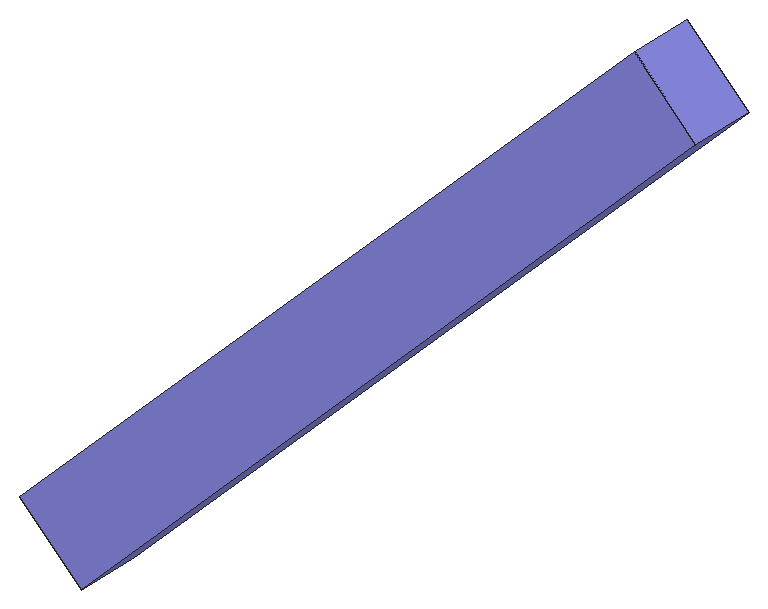
Revit family "配管サポート_不等辺山形鋼", category Generic Models, Revit 2023
Family settings
  Can host rebar = No
  Round Connector Dimension = Use Diameter
  Part Type = Normal
  Work Plane-Based = Yes
  Always vertical = No
  Cut with Voids When Loaded = No
  Maintain Annotation Orientation = No
  Shared = No
  Room Calculation Point = No
Parameters (values of type "L 100 x 75")
  高さ = 100 mm
  長辺 [instance] = 長さ  # 1000 mm
  長さ [instance] = 1000 mm
  部屋名 = ""
  角度 [instance] = 45.00°
  Default Elevation = 1219.2 mm
  構造マテリアル = E102_配管サポート
  幅 = 75 mm
Types (6, lengths in mm): name | 高さ | 幅
  L 100 x 75 | 100 | 75
  L 125 x 75 | 125 | 75
  L 125 x 90 | 125 | 90
  L 150 x 100 | 150 | 100
  L 150 x 90 | 150 | 90
  L 90 x 75 | 90 | 75
Reference planes
  plane 1 "中心(正面/背面)": y = 0
  plane 2: z = 0
  plane 3 "中心(左/右)": x = 0
Lines and regions (mm)
  reference lines
    curve 1: line (0, 0, 0) -> (848.528, 0, 848.528)
    curve 2: line (35.355, 0, -35.355) -> (-35.355, 0, 35.355)
    curve 3: line (742.462, 0, 671.751) -> (671.751, 0, 742.462)
Dimensions and locks
  equal spacing: curve 2, curve 1, curve 2
  "高さ": curve 2 to curve 2
  equal spacing: curve 3, curve 1, curve 3
  "高さ": curve 3 to curve 3
  "長さ": curve 2 to curve 3
  "角度": angle level to curve 1
  angle curve 2 to curve 1 = 90.00°
  angle curve 3 to curve 1 = 90.00°
  aligned and locked: level to plane 2
  aligned and locked: level to curve 1
  aligned and locked: plane 3 "中心(左/右)" to curve 1
  aligned and locked: curve 2 to nested 1
Nested families
  nested 1: "グレーチング_不等辺山形鋼" at (-35.355, 0, 35.355) x (0, 1, 0) z (0.7071, 0, -0.7071), 長さ <- "長さ", type "L 90 x 75"
    with 長辺 1000 mm, 長さ 1000 mm, 高さ 100 mm
Definition of nested family "グレーチング_不等辺山形鋼"
  Parameters (values of type "L 125 x 75")
    高さ = 125 mm
    長辺 [instance] = 長さ  # 1000 mm
    長さ [instance] = 1000 mm
    部屋名 = ""
    Default Elevation = 1219.2 mm
    構造マテリアル = none
    幅 = 75 mm
  Types (6, lengths in mm): name | 高さ | 幅
    L 90 x 75 | 90 | 75
    L 100 x 75 | 100 | 75
    L 125 x 75 | 125 | 75
    L 125 x 90 | 125 | 90
    L 150 x 90 | 150 | 90
    L 150 x 100 | 150 | 100
  Reference planes
    plane 1 "中心(正面/背面)": y = 0
    plane 2: z = 0
    plane 3 "中心(左/右)": x = 0
    plane 4: z = 125
    plane 5: z = 62.5
  Forms (mm)
    Extrusion 1, solid, material <- "構造マテリアル"
      sketch origin (0, 0, 0) x (1, 0, 0) y (0, 1, 0)
        loop
          line (-37.5, 1000) -> (-37.5, 0) -> (37.5, 0) -> (37.5, 1000) -> (-37.5, 1000)
      from 0 to 125
  Lines and regions (mm)
    reference lines
      curve 1: line (37.5, 1000, 0) -> (-37.5, 1000, 0)
      curve 2: line (37.5, 0, 0) -> (-37.5, 0, 0)
  Dimensions and locks
    "長さ": curve 1 to curve 2
    "幅": Extrusion 1 to Extrusion 1
    equal spacing: Extrusion 1, plane 3 "中心(左/右)", Extrusion 1
    "幅": curve 1 to curve 1
    equal spacing: curve 1, plane 3 "中心(左/右)", curve 1
    "幅": curve 2 to curve 2
    equal spacing: curve 2, plane 3 "中心(左/右)", curve 2
    equal spacing: plane 4, plane 5, level
    "高さ": plane 4 to level
    aligned and locked: level to plane 2
    aligned and locked: Extrusion 1 to curve 2
    aligned and locked: curve 1 to Extrusion 1
    aligned and locked: plane 4 to Extrusion 1
  Automatic sketch dimensions
    Extrusion 1 sketch curve to plane 3 "中心(左/右)" = 37.5 mm
    plane 3 "中心(左/右)" to Extrusion 1 sketch curve = 37.5 mm
    plane 1 "中心(正面/背面)" to Extrusion 1 sketch curve = 0 mm
    Extrusion 1 sketch curve to plane 1 "中心(正面/背面)" = 1000 mm
    plane 1 "中心(正面/背面)" to curve 2 = 0 mm
